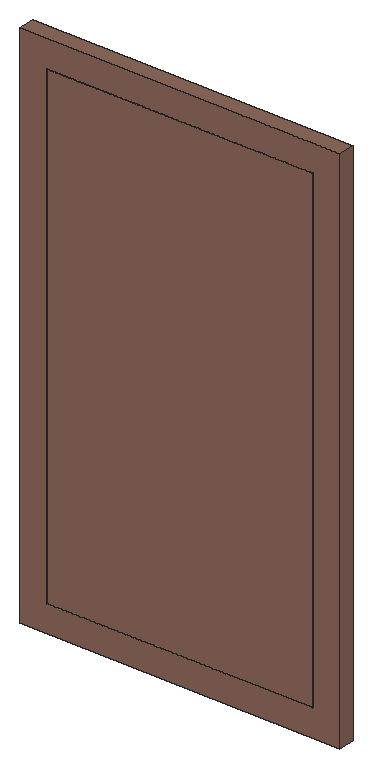
Revit family "wall mirror", category 一般モデル, Revit 2020
Family settings
  鉄筋をホスト可能 = いいえ
  丸型コネクタ寸法 = 直径を使用
  パーツ タイプ = 標準
  作業面ベース = いいえ
  常に垂直 = はい
  ロード時にボイドで切り取り = いいえ
  共有 = いいえ
  部屋計算ポイント = いいえ
Parameters (values of type "wall mirror")
  既定の高さ = 0 mm
  モデル = "wall mirror"
  W = 600 mm  # constant formula
  Mirror = 鏡
  H = 1000 mm  # constant formula
  Frame = マホガニー材
  D = 30 mm  # constant formula
Reference planes
  plane 1 "中心(正面/背面)": y = 0
  plane 2: z = 0
  plane 3 "中心(左/右)": x = 0
  plane 4: x = -300
  plane 5: x = 300
  plane 6: y = 30
  plane 7: x = -250
  plane 8: x = 250
  plane 9: y = 10
  plane 10: y = 15
  plane 11: z = 1000
  plane 12: z = 950
  plane 13: z = 50
Forms (mm)
  Extrusion 1, solid, material "マホガニー材" <- "Frame"
    sketch origin (0, 0, 0) x (1, 0, 0) y (0, 0, 1)
      loop
        line (-300, 0) -> (300, 0) -> (300, 1000) -> (-300, 1000) -> (-300, 0)
      loop
        line (-250, 50) -> (250, 50) -> (250, 950) -> (-250, 950) -> (-250, 50)
    from -30 to 0
  Extrusion 2, solid, material "マホガニー材" <- "Frame"
    sketch origin (0, 0, 0) x (1, 0, 0) y (0, 0, 1)
      loop
        line (-250, 50) -> (250, 50) -> (250, 950) -> (-250, 950) -> (-250, 50)
    from -10 to 0
  Extrusion 3, solid, material "鏡" <- "Mirror"
    sketch origin (0, 0, 0) x (1, 0, 0) y (0, 0, 1)
      loop
        line (-250, 50) -> (250, 50) -> (250, 950) -> (-250, 950) -> (-250, 50)
    from -15 to -10
Dimensions and locks
  "D": plane 6 to plane 1 "中心(正面/背面)"
  locked: plane 9 to plane 1 "中心(正面/背面)" at 10
  locked: plane 10 to plane 9 at 5
  locked: plane 4 to plane 7 at 50
  locked: plane 8 to plane 5 at 50
  equal spacing: plane 4, plane 3 "中心(左/右)", plane 5
  "W": plane 4 to plane 5
  "H": plane 2 to plane 11
  locked: plane 2 to plane 13 at 50
  locked: plane 12 to plane 11 at 50
  aligned and locked: level to plane 2
  aligned and locked: Extrusion 1 sketch curve to plane 2
  aligned and locked: Extrusion 1 sketch curve to plane 4
  aligned and locked: plane 11 to Extrusion 1 sketch curve
  aligned and locked: plane 5 to Extrusion 1 sketch curve
  aligned and locked: Extrusion 1 sketch curve to plane 13
  aligned and locked: Extrusion 1 sketch curve to plane 7
  aligned and locked: plane 12 to Extrusion 1 sketch curve
  aligned and locked: Extrusion 1 sketch curve to plane 8
  aligned and locked: Extrusion 2 sketch curve to Extrusion 1  (x4)
  aligned and locked: plane 9 to Extrusion 2
  aligned and locked: plane 1 "中心(正面/背面)" to Extrusion 2
  aligned and locked: plane 6 to Extrusion 1
  aligned and locked: plane 1 "中心(正面/背面)" to Extrusion 1
  aligned and locked: Extrusion 3 sketch curve to Extrusion 1  (x4)
  aligned and locked: plane 10 to Extrusion 3
  aligned and locked: Extrusion 3 to plane 9
